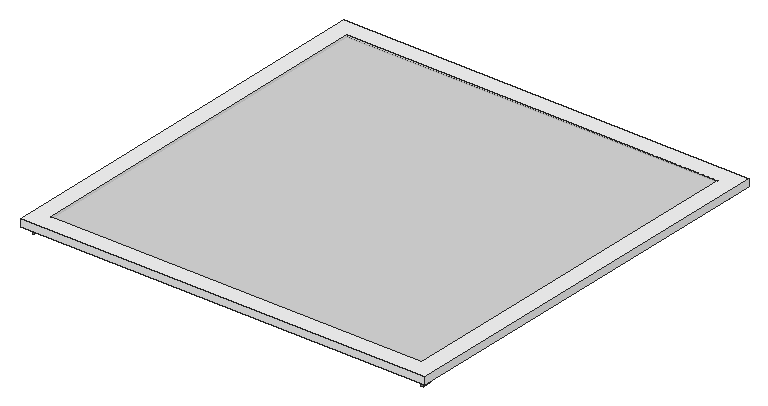
Revit family "0047510 Sylvania Lighting Fixture START FLAT PANEL LED UGR19 600 WW surface mounted", category Lighting Fixtures, host Face, Revit 2017
Family settings
  Host = Face
  Round Connector Dimension = Use Diameter
  Part Type = Normal
  OmniClass Number = 23.80.70.11.17
  OmniClass Title = Specialized Lighting by Location or Use
  Cut with Voids When Loaded = No
  Light Source = Yes
  Shared = No
  Room Calculation Point = No
Parameters (values of type "0047510 START FLAT PANEL LED UGR19 600 WW")
  Weight = "14.995 kg"
  Wattage = 40 W
  WarrantyStartDate [instance] = "n/a"
  WarrantyGuarantorParts = "n/a"
  WarrantyDurationUnit = "n/a"
  WarrantyDurationParts = "n/a"
  WarrantyDescription = "n/a"
  built-in parameter 1150110 = 1 (stored number, unit not read)
  Voltage = 230 V
  URL = "http://www.sylvania-lighting.com"
  TypeName = "START FLAT PANEL LED UGR19 600 WW"
  built-in parameter 1114217 = 1 (stored number, unit not read)
  Tilt Angle = -90.00°
  built-in parameter 1150109 = 1 (stored number, unit not read)
  built-in parameter 1150134 = (empty or 0)
  built-in parameter 1150113 = 1 (stored number, unit not read)
  SerialNumber [instance] = "n/a"
  PowerFactor = 0
  PowerConsumption = "40 W"
  Photometric Web File = "0047510.ies"
  NominalLength = 595.0 mm
  NominalHeight = 11.0 mm
  NominalDepth = 595.0 mm
  Name = "START FLAT PANEL LED UGR19 600 WW"
  ModelReference = "START FLAT PANEL LED UGR19 600 WW"
  ModelNumber = "0047510"
  Material = "powder coated steel housing, acrylic pmma diffuser"
  ManufacturerName = "Feilo Sylvania"
  LuminousEfficacy = "88 lm/W"
  LuminaireType = ""
  LightOutputRatio = "100"
  LampsType = Lamp  # "Integrated LED"
  LampNominalLuminous = "3500 lm"
  LampMacAdamStep = "n/a"
  LampColourTemperature = "3000 K"
  LampColourRenderingIndex = "80"
  Keynote = "16500"
  InstallationDate [instance] = "n/a"
  InputVoltage = "220-240V~"
  InputNominalFrequency = "n/a"
  IngressProtection = "IP20"
  ImpactProtectionIndex = "IK05"
  IfcExportType = "IfcLightFixtureType"
  IfcExportAs = "IfcLightFixtureType"
  ExpectedLife = 50000
  ElectricShockClassification = "Class II"
  DurationUnit = "hours"
  DocumentationLiterature = "http://www.sylvania-lighting.com/product/en-int/products/0047510"
  DimmingControlOptions = "n/a"
  Diffuser Material = Polycarbonate_Sylvania_Startflat Panel LED_Opal
  Cutout Width = 574.0 mm
  Cutout Length = 574.0 mm
  CreatedOn = "6/22/2018"
  CreatedBy = ""
  built-in parameter 1114216 [instance] = 1 (stored number, unit not read)
  Model = "START FLAT PANEL LED UGR19 600 WW"
  Manufacturer = "Feilo Sylvania"
  built-in parameter 1150105 = 1906.8 (stored number, unit not read)
  Lumens = 3520 lm
  built-in parameter 1150115 = 1 (stored number, unit not read)
  built-in parameter 1150137 = (empty or 0)
  built-in parameter 1150139 = (empty or 0)
  built-in parameter 1150112 = 1 (stored number, unit not read)
  built-in parameter 1150114 = 1 (stored number, unit not read)
  Lamp = "Integrated LED"  # constant formula
  built-in parameter 1150132 = 2
  built-in parameter 1150102 = (empty or 0)
  built-in parameter 1150107 = 3000 (stored number, unit not read)
  built-in parameter 1150138 = (empty or 0)
  built-in parameter 1150106 = 19.068 (stored number, unit not read)
  Body Material = Metal_Sylvania_Startflat Panel LED_White
  Emit from Rectangle Width = 545.0 mm
  Emit from Rectangle Length = 545.0 mm
  Emit Shape Visible in Rendering = no
  built-in parameter 1150104 = 8.1755 (stored number, unit not read)
  Dimming Lamp Color Temperature Shift = <None>
  Description = "Ultra thin LED Panel, excellent uniformity of light, perfect for ceilings with low voids, high efficacy.Ulta thin edgelit LED 600x600mm Panel with, excellent uniform light distribution. Acrylic PMMA diffuser optimising light output whilst reducing glare. 4239lm 93lm/W."  # constant formula
  Default Elevation = 0.0 mm
  Color Filter = 16777215
  built-in parameter 1140040 [instance] = 1
  BarCode [instance] = "n/a"
  built-in parameter 1114218 = 1 (stored number, unit not read)
  built-in parameter 1150133 = 10 (stored number, unit not read)
  AssetType = "Fixed"
  AssetIdentifier [instance] = "n/a"
  Assembly Code = "D5020200"
  Apparent Load = 40 VA
  Mounting Material = Metal_Sylvania_Startflat Panel LED_Silver
Reference planes
  plane 1 "Center (Front/Back)": y = 0
  plane 2 "Fixture Top": z = 0
  plane 3 "Center (Left/Right)": x = 0
  plane 4: x = 295.5
  plane 5: x = -295.5
  plane 6 "Fixture Back": y = 297.5
  plane 7 "Fixture Front": y = -297.5
  plane 8 "Fixture Left": x = -297.5
  plane 9 "Fixture Right": x = 297.5
  plane 10: y = 295.5
  plane 11: y = -295.5
  plane 12: x = 272.5
  plane 13: x = -272.5
  plane 14: y = 272.5
  plane 15: y = -272.5
  plane 16: x = -287
  plane 17: x = 287
  plane 18: y = 287
  plane 19: y = -287
  plane 20 "Fixture Bottom": z = 10.5
  plane 21: z = 8.5
  plane 22: z = 6.5
  plane 23: z = -10
  plane 24: z = 2
Forms (mm)
  Extrusion 1, void
    sketch origin (0, 0, 60) x (-1, 0, 0) y (0, -1, 0)
      loop
        line (287, -287) -> (287, 287) -> (-287, 287) -> (-287, -287) -> (287, -287)
    from -70 to -60
  Extrusion 2, solid, material "Metal_Sylvania_Startflat Panel LED_White" <- "Body Material", detail levels fine
    sketch origin (0, 0, 60) x (-1, 0, 0) y (0, -1, 0)
      loop
        line (297.5, -297.5) -> (297.5, 297.5) -> (-297.5, 297.5) -> (-297.5, -297.5) -> (297.5, -297.5)
      loop
        line (272.5, -272.5) -> (272.5, 272.5) -> (-272.5, 272.5) -> (-272.5, -272.5) -> (272.5, -272.5)
    from -51.5 to -49.5
  Extrusion 3, solid, material "Metal_Sylvania_Startflat Panel LED_White" <- "Body Material", detail levels fine
    sketch origin (0, 0, 60) x (-1, 0, 0) y (0, -1, 0)
      loop
        line (297.5, -297.5) -> (297.5, 297.5) -> (-297.5, 297.5) -> (-297.5, -297.5) -> (297.5, -297.5)
      loop
        line (295.5, -295.5) -> (295.5, 295.5) -> (-295.5, 295.5) -> (-295.5, -295.5) -> (295.5, -295.5)
    from -60 to -51.5
  Extrusion 4, solid, material "Polycarbonate_Sylvania_Startflat Panel LED_Opal" <- "Diffuser Material", detail levels fine
    sketch origin (0, 0, 60) x (-1, 0, 0) y (0, -1, 0)
      loop
        line (295.5, -295.5) -> (295.5, 295.5) -> (-295.5, 295.5) -> (-295.5, -295.5) -> (295.5, -295.5)
    from -53.5 to -51.5
  Extrusion 5, solid, material "Metal_Sylvania_Startflat Panel LED_Silver" <- "Mounting Material", detail levels fine
    sketch origin (0, 0, 60) x (-1, 0, 0) y (0, -1, 0)
      loop
        line (287, -287) -> (287, -272.5) -> (284, -272.5) -> (284, -287) -> (287, -287)
      loop
        line (-284, -287) -> (-284, -272.5) -> (-287, -272.5) -> (-287, -287) -> (-284, -287)
      loop
        line (-284, 272.5) -> (-284, 287) -> (-287, 287) -> (-287, 272.5) -> (-284, 272.5)
      loop
        line (284, 272.5) -> (287, 272.5) -> (287, 287) -> (284, 287) -> (284, 272.5)
    from -70 to -60
  Extrusion 6, solid, material "Metal_Sylvania_Startflat Panel LED_White" <- "Body Material", detail levels fine
    sketch origin (0, 0, 60) x (-1, 0, 0) y (0, -1, 0)
      loop
        line (297.5, -297.5) -> (297.5, 297.5) -> (-297.5, 297.5) -> (-297.5, -297.5) -> (297.5, -297.5)
    from -60 to -58
  Extrusion 7, solid, material "Metal_Sylvania_Startflat Panel LED_White" <- "Body Material", detail levels coarse+medium
    sketch origin (0, 0, 60) x (-1, 0, 0) y (0, -1, 0)
      loop
        line (297.5, -297.5) -> (297.5, 297.5) -> (-297.5, 297.5) -> (-297.5, -297.5) -> (297.5, -297.5)
    from -60 to -49.5
Cuts and joins
  joined: Extrusion 2, Extrusion 3, Extrusion 6
Dimensions and locks
  equal spacing: plane 6 "Fixture Back", plane 1 "Center (Front/Back)", plane 7 "Fixture Front"
  locked: plane 6 "Fixture Back" to plane 7 "Fixture Front" at 595
  equal spacing: plane 8 "Fixture Left", plane 3 "Center (Left/Right)", plane 9 "Fixture Right"
  locked: plane 8 "Fixture Left" to plane 9 "Fixture Right" at 595
  locked: plane 8 "Fixture Left" to plane 5 at 2
  locked: plane 4 to plane 9 "Fixture Right" at 2
  locked: plane 6 "Fixture Back" to plane 10 at 2
  locked: plane 11 to plane 7 "Fixture Front" at 2
  locked: plane 12 to plane 9 "Fixture Right" at 25
  locked: plane 8 "Fixture Left" to plane 13 at 25
  locked: plane 6 "Fixture Back" to plane 14 at 25
  locked: plane 15 to plane 7 "Fixture Front" at 25
  equal spacing: plane 16, plane 3 "Center (Left/Right)", plane 17
  "Cutout Length": plane 16 to plane 17
  equal spacing: plane 18, plane 1 "Center (Front/Back)", plane 19
  "Cutout Width": plane 18 to plane 19
  locked: plane 20 "Fixture Bottom" to plane 2 "Fixture Top" at 10.5
  plane 20 "Fixture Bottom" to plane 21 to plane 22 = 2.0 mm locked, 2.0 mm locked
  locked: plane 2 "Fixture Top" to plane 23 at 10
  locked: plane 16 to Extrusion 5 sketch curve at 3
  locked: Extrusion 5 sketch curve to plane 17 at 3
  locked: plane 24 to plane 2 "Fixture Top" at 2
  aligned and locked: level to host face
  aligned and locked: imposter light to plane 1 "Center (Front/Back)"
  aligned and locked: plane 2 "Fixture Top" to Extrusion 1
  aligned and locked: Extrusion 2 sketch curve to plane 6 "Fixture Back"
  aligned and locked: plane 8 "Fixture Left" to Extrusion 2 sketch curve
  aligned and locked: plane 7 "Fixture Front" to Extrusion 2 sketch curve
  aligned and locked: Extrusion 2 sketch curve to plane 9 "Fixture Right"
  aligned and locked: Extrusion 2 sketch curve to plane 14
  aligned and locked: plane 13 to Extrusion 2 sketch curve
  aligned and locked: plane 15 to Extrusion 2 sketch curve
  aligned and locked: Extrusion 2 sketch curve to plane 12
  aligned and locked: Extrusion 3 sketch curve to Extrusion 2  (x4)
  aligned and locked: Extrusion 3 sketch curve to plane 10
  aligned and locked: plane 5 to Extrusion 3 sketch curve
  aligned and locked: plane 11 to Extrusion 3 sketch curve
  aligned and locked: Extrusion 3 sketch curve to plane 4
  aligned and locked: Extrusion 4 sketch curve to cut or joined group of Extrusion 2, Extrusion 3, Extrusion 6  (x4)
  aligned and locked: plane 16 to Extrusion 1 sketch curve
  aligned and locked: Extrusion 1 sketch curve to plane 17
  aligned and locked: Extrusion 1 sketch curve to plane 18
  aligned and locked: plane 19 to Extrusion 1 sketch curve
  aligned and locked: plane 20 "Fixture Bottom" to cut or joined group of Extrusion 2, Extrusion 3, Extrusion 6
  aligned and locked: cut or joined group of Extrusion 2, Extrusion 3, Extrusion 6 to plane 21
  aligned and locked: plane 21 to cut or joined group of Extrusion 2, Extrusion 3, Extrusion 6
  aligned and locked: cut or joined group of Extrusion 2, Extrusion 3, Extrusion 6 to plane 2 "Fixture Top"
  aligned and locked: plane 21 to Extrusion 4
  aligned and locked: Extrusion 4 to plane 22
  aligned and locked: level to plane 2 "Fixture Top"
  aligned and locked: plane 3 "Center (Left/Right)" to imposter light
  aligned and locked: plane 20 "Fixture Bottom" to imposter light
  aligned and locked: Extrusion 5 sketch curve to plane 18  (x2)
  aligned and locked: plane 16 to Extrusion 5 sketch curve
  aligned and locked: cut or joined group of Extrusion 2, Extrusion 3, Extrusion 6 to Extrusion 5 sketch curve  (x3)
  aligned and locked: plane 14 to Extrusion 5 sketch curve
  aligned and locked: Extrusion 5 sketch curve to plane 17  (x2)
  aligned and locked: plane 19 to Extrusion 5 sketch curve
  aligned and locked: Extrusion 5 sketch curve to plane 19
  aligned and locked: Extrusion 5 sketch curve to plane 16
  aligned and locked: Extrusion 5 to plane 23
  aligned and locked: Extrusion 5 sketch curve to Extrusion 5 sketch curve  (x2)
  aligned and locked: Extrusion 6 sketch curve to cut or joined group of Extrusion 2, Extrusion 3, Extrusion 6  (x4)
  aligned and locked: Extrusion 6 to plane 2 "Fixture Top"
  aligned and locked: plane 24 to Extrusion 6
  aligned and locked: plane 2 "Fixture Top" to Extrusion 5
  aligned and locked: Extrusion 7 sketch curve to cut or joined group of Extrusion 2, Extrusion 3, Extrusion 6  (x4)
  aligned and locked: Extrusion 7 to plane 2 "Fixture Top"
  aligned and locked: plane 20 "Fixture Bottom" to Extrusion 7
  aligned and locked: Extrusion 1 to Extrusion 5
Automatic sketch dimensions
  host sketch curve to host sketch curve = 1461.012 mm
  host sketch curve to host sketch curve = 1283.632 mm
Connectors
  electrical at (0, 0, 0), driven by "Apparent Load"
    settings: on cut or joined group of Extrusion 2, Extrusion 3, Extrusion 6, index 1, voltage 230 V, apparent load 0 VA, apparent load phase1 40 VA, apparent load phase2 0 VA, apparent load phase3 0 VA, power factor 1, load classification "Lighting", number of poles 1, system type 31, power factor state 1, is connector primary yes, connector utility no, sub classification motor no, connector description ""
